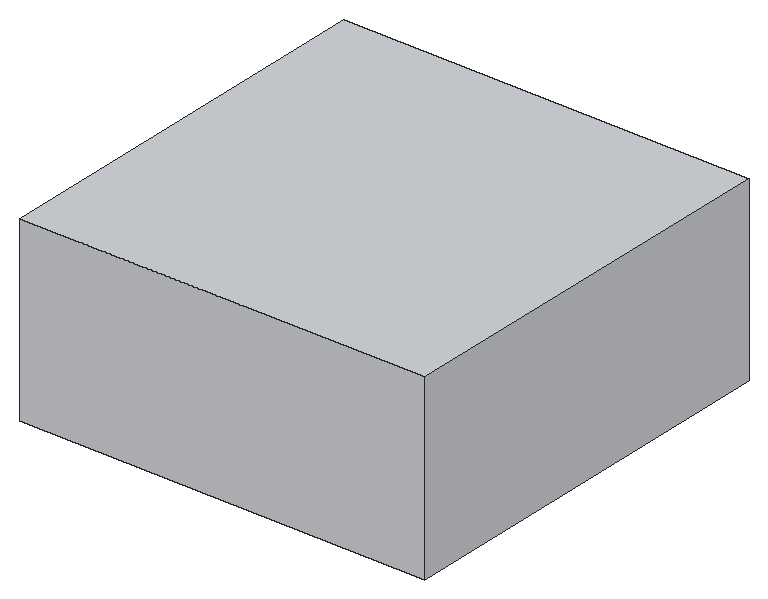
Revit family "GPC-M_Conduit Junction Box - Cross - Aluminum", category Conduit Fittings, Revit 2025
Family settings
  Round Connector Dimension = Use Radius
  Part Type = Cross
  OmniClass Number = 23.80.30.17.11
  OmniClass Title = Conduits
  Work Plane-Based = No
  Always vertical = Yes
  Cut with Voids When Loaded = No
  Shared = No
Parameters (values of type "Standard")
  Width [instance] = Length  # 116 mm
  TamañoFijo [instance] = no
  Nominal Radius 4 [instance] = 8 mm
  Nominal Radius 3 [instance] = 8 mm
  Nominal Radius 2 [instance] = 8 mm
  Nominal Radius 1 [instance] = 8 mm
  Nominal Diameter 4 [instance] = Nominal Radius 4 * 2  # 16 mm
  Nominal Diameter 3 [instance] = Nominal Radius 3 * 2  # 16 mm
  Nominal Diameter 2 [instance] = Nominal Radius 2 * 2  # 16 mm
  Nominal Diameter 1 [instance] = Nominal Radius 1 * 2  # 16 mm
  Max Nominal Diameter 34 [instance] = if(Nominal Diameter 3 > Nominal Diameter 4, Nominal Diameter 3, Nominal Diameter 4)  # 16 mm
  Max Nominal Diameter 1234 [instance] = if(Max Nominal Diameter 12 > Max Nominal Diameter 34, Max Nominal Diameter 12, Max Nominal Diameter 34)  # 16 mm
  Max Nominal Diameter 12 [instance] = if(Nominal Diameter 1 > Nominal Diameter 2, Nominal Diameter 1, Nominal Diameter 2)  # 16 mm
  LengthOverride [instance] = 0 mm
  Height [instance] = if(not(Max Nominal Diameter 1234 > 27 mm), 52 mm, if(Max Nominal Diameter 1234 < 155 mm, 152 mm, Max Nominal Diameter 1234 * 1.2))  # 52 mm
  Length [instance] = if(TamañoFijo, LengthOverride, if(not(Max Nominal Diameter 1234 > 27 mm), 116 mm, 6 * Max Nominal Diameter 1234))  # 116 mm
  Default Elevation = 0 mm
Types (2, lengths in mm): name | Width | TamañoFijo | LengthOverride | Length
  Standard | 116 | no | 0 | 116
  5"x5" | 127 | yes | 127 | 127
Reference planes
  plane 1 "Center (Front/Back)": y = 0
  plane 2: z = 0
  plane 3 "Center (Left/Right)": x = 0
  plane 4: x = -58
  plane 5: x = 58
  plane 6: y = 58
  plane 7: y = -58
  plane 8: z = 26
  plane 9: z = -26
Forms (mm)
  Extrusion 1, solid
    sketch origin (0, 0, 0) x (1, 0, 0) y (0, 1, 0)
      loop
        line (-58, 58) -> (-58, -58) -> (58, -58) -> (58, 58) -> (-58, 58)
    from -26 to 26
Dimensions and locks
  equal spacing: plane 4, plane 3 "Center (Left/Right)", plane 5
  "Length": plane 4 to plane 5
  equal spacing: plane 6, plane 1 "Center (Front/Back)", plane 7
  "Width": plane 6 to plane 7
  equal spacing: plane 8, plane 2, plane 9
  "Height": plane 8 to plane 9
  aligned and locked: Extrusion 1 sketch curve to plane 6
  aligned and locked: plane 4 to Extrusion 1 sketch curve
  aligned and locked: plane 7 to Extrusion 1 sketch curve
  aligned and locked: Extrusion 1 sketch curve to plane 5
  aligned and locked: Extrusion 1 to plane 9
  aligned and locked: plane 8 to Extrusion 1
Connectors
  cabletrayconduit at (-58, 0, 0), diameter 16, driven by "Nominal Radius 1"
    settings: on Extrusion 1, index 1, connector width 304.8 mm, connector height 304.8 mm, connector angle 0.00°, system type 32, placement type 0, profile type 0, connector reference index 2, is primary connector yes, connector utility param no, connector description ""
  cabletrayconduit at (58, 0, 0), diameter 16, driven by "Nominal Radius 2"
    settings: on Extrusion 1, index 2, connector width 304.8 mm, connector height 304.8 mm, connector angle 0.00°, system type 32, placement type 0, profile type 0, connector reference index 1, is primary connector no, connector utility param no, connector description ""
  cabletrayconduit at (0, -58, 0), diameter 16, driven by "Nominal Radius 3"
    settings: on Extrusion 1, index 3, connector width 304.8 mm, connector height 304.8 mm, connector angle 0.00°, system type 32, placement type 0, profile type 0, connector reference index 4, is primary connector no, connector utility param no, connector description ""
  cabletrayconduit at (0, 58, 0), diameter 16, driven by "Nominal Radius 4"
    settings: on Extrusion 1, index 4, connector width 304.8 mm, connector height 304.8 mm, connector angle 0.00°, system type 32, placement type 0, profile type 0, connector reference index 3, is primary connector no, connector utility param no, connector description ""
